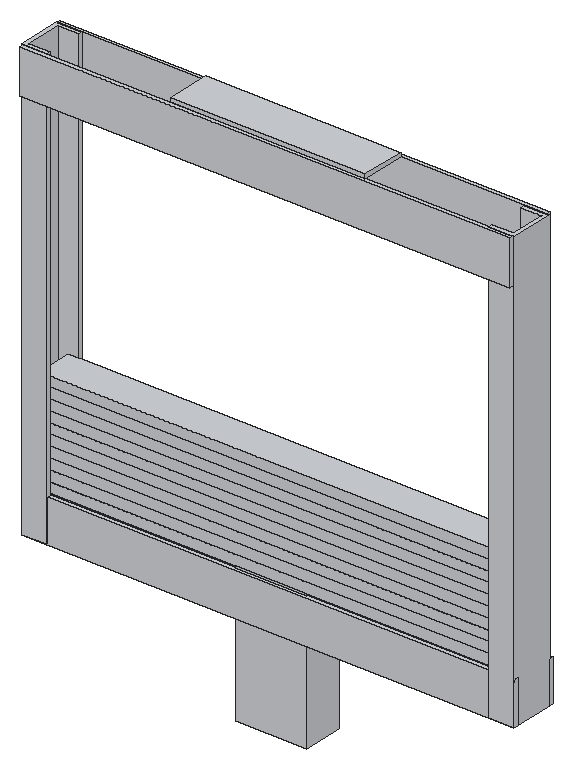
Revit family "Counterweight", category Generic Models, Revit 2022
Family settings
  Can host rebar = No
  Round Connector Dimension = Use Diameter
  Part Type = Normal
  Work Plane-Based = No
  Always vertical = Yes
  Cut with Voids When Loaded = No
  Maintain Annotation Orientation = No
  Shared = No
  Room Calculation Point = No
Parameters
  Weight Plate Width = 2634.32 mm
  Weight Plate Thickness = 60 mm
  Weight Plate Offset = 60 mm
  Weight Plate Length = 204.32 mm
  LiftSheave_Diameter = 400
  CounterWeight_Weight = 1500
  Top Part Height = 250.465 mm
  Strike Plate Width = 200 mm
  Strike Plate Length = 227.16 mm
  Strike Plate Height = 537.908 mm
  Frame Width = 1400 mm
  Frame Thickness = 22.84 mm
  Frame Length = 250 mm
  Frame Insert = 120 mm
  Frame Inner Length = 50 mm
  Frame Height = 2500 mm
  Default Elevation = 0 mm
  Bottom Part Height = 240.746 mm
Reference planes
  plane 1 "Center (Front/Back)": y = 0
  plane 2: z = 0
  plane 3 "Center (Left/Right)": x = 0
Forms (mm)
  Extrusion 1, solid
    sketch origin (0, 0, 0) x (1, 0, 0) y (0, 1, 0)
      loop
        line (-1257.16, 0) -> (-1257.16, 22.84) -> (-1377.16, 22.84) -> (-1377.16, 227.16) -> (-1257.16, 227.16) -> (-1257.16, 250) -> (-1400, 250) -> (-1400, 0) -> (-1257.16, 0)
    from 0 to 2500
  Extrusion 2, solid
    sketch origin (0, 0, 0) x (1, 0, 0) y (0, 1, 0)
      loop
        line (-200, 22.84) -> (200, 22.84) -> (200, 250) -> (-200, 250) -> (-200, 22.84)
    from 0 to 250
  Extrusion 3, solid
    sketch origin (0, 0, 0) x (-1, 0, 0) y (0, -1, 0)
      loop
        line (-1257.16, 0) -> (-1400, 0) -> (-1400, -250) -> (-1257.16, -250) -> (-1257.16, -227.16) -> (-1377.16, -227.16) -> (-1377.16, -22.84) -> (-1257.16, -22.84) -> (-1257.16, 0)
    from 0 to 2500
  Extrusion 4, solid
    sketch origin (0, 0, 0) x (1, 0, 0) y (0, 0, 1)
      loop
        line (-1392, 2500) -> (-1392, 2249.535) -> (1392, 2249.535) -> (1392, 2500) -> (-1392, 2500)
    from 0 to 22.84
  Extrusion 5, solid
    sketch origin (0, 0, 0) x (1, 0, 0) y (0, 0, 1)
      loop
        line (-1400, 0) -> (1400, 0) -> (1400, 240.746) -> (-1400, 240.746) -> (-1400, 0)
    from 0 to -22.84
  Extrusion 6, solid
    sketch origin (0, 272.84, 0) x (1, 0, 0) y (0, 0, -1)
      loop
        line (-1400, 0) -> (-1400, -240.746) -> (1400, -240.746) -> (1400, 0) -> (-1400, 0)
    from 0 to -22.84
  Extrusion 7, solid
    sketch origin (-8, 272.84, 0) x (1, 0, 0) y (0, 0, 1)
      loop
        line (-1392, 2500) -> (-1392, 2249.535) -> (1392, 2249.535) -> (1392, 2500) -> (-1392, 2500)
    from 0 to 22.84
  Extrusion 8, solid
    sketch origin (0, 0, 0) x (1, 0, 0) y (0, 1, 0)
      loop
        line (-553.312, 250) -> (-553.312, 0) -> (553.312, 0) -> (553.312, 250) -> (-553.312, 250)
    from 2500 to 2522.84
  Extrusion 9, solid
    sketch origin (0, 0, 0) x (1, 0, 0) y (0, 1, 0)
      loop
        line (-200, 22.84) -> (200, 22.84) -> (200, 250) -> (-200, 250) -> (-200, 22.84)
    from -537.908 to 0
  Extrusion 10, solid
    sketch origin (0, 0, 0) x (1, 0, 0) y (0, 1, 0)
      loop
        line (-1317.16, 227.16) -> (-1317.16, 22.84) -> (1317.16, 22.84) -> (1317.16, 227.16) -> (-1317.16, 227.16)
    from 250 to 310
  Extrusion 11, solid
    sketch origin (-2.84, 0, 60) x (1, 0, 0) y (0, 1, 0)
      loop
        line (-1314.32, 227.16) -> (-1314.32, 22.84) -> (1320, 22.84) -> (1320, 227.16) -> (-1314.32, 227.16)
    from 250 to 310
  Extrusion 12, solid
    sketch origin (0, 0, 120) x (1, 0, 0) y (0, 1, 0)
      loop
        line (-1317.16, 227.16) -> (-1317.16, 22.84) -> (1317.16, 22.84) -> (1317.16, 227.16) -> (-1317.16, 227.16)
    from 250 to 310
  Extrusion 13, solid
    sketch origin (-2.84, 0, 180) x (1, 0, 0) y (0, 1, 0)
      loop
        line (-1314.32, 227.16) -> (-1314.32, 22.84) -> (1320, 22.84) -> (1320, 227.16) -> (-1314.32, 227.16)
    from 250 to 310
  Extrusion 14, solid
    sketch origin (0, 0, 240) x (1, 0, 0) y (0, 1, 0)
      loop
        line (-1317.16, 227.16) -> (-1317.16, 22.84) -> (1317.16, 22.84) -> (1317.16, 227.16) -> (-1317.16, 227.16)
    from 250 to 310
  Extrusion 15, solid
    sketch origin (-2.84, 0, 300) x (1, 0, 0) y (0, 1, 0)
      loop
        line (-1314.32, 227.16) -> (-1314.32, 22.84) -> (1320, 22.84) -> (1320, 227.16) -> (-1314.32, 227.16)
    from 250 to 310
  Extrusion 16, solid
    sketch origin (0, 0, 360) x (1, 0, 0) y (0, 1, 0)
      loop
        line (-1317.16, 227.16) -> (-1317.16, 22.84) -> (1317.16, 22.84) -> (1317.16, 227.16) -> (-1317.16, 227.16)
    from 250 to 310
  Extrusion 17, solid
    sketch origin (-2.84, 0, 420) x (1, 0, 0) y (0, 1, 0)
      loop
        line (-1314.32, 227.16) -> (-1314.32, 22.84) -> (1320, 22.84) -> (1320, 227.16) -> (-1314.32, 227.16)
    from 250 to 310
  Extrusion 18, solid
    sketch origin (0, 0, 480) x (1, 0, 0) y (0, 1, 0)
      loop
        line (-1317.16, 227.16) -> (-1317.16, 22.84) -> (1317.16, 22.84) -> (1317.16, 227.16) -> (-1317.16, 227.16)
    from 250 to 310
  Extrusion 19, solid
    sketch origin (-2.84, 0, 540) x (1, 0, 0) y (0, 1, 0)
      loop
        line (-1314.32, 227.16) -> (-1314.32, 22.84) -> (1320, 22.84) -> (1320, 227.16) -> (-1314.32, 227.16)
    from 250 to 310
Lines and regions (mm)
  reference lines
    curve 1: line (-5031.973, 136.42, 0) -> (4768.027, 136.42, 0)
    curve 2: line (-2819.89, 108.95, 0) -> (4380.11, 108.95, 0)
    curve 3: line (-4465.698, 136.236, 0) -> (4534.302, 136.236, 0)
    curve 4: line (-1583.991, 121.716, 0) -> (1656.009, 121.716, 0)
Dimensions and locks
  "Frame Width": Extrusion 1 to plane 3 "Center (Left/Right)" to Extrusion 3
  "Frame Length": Extrusion 3 to Extrusion 3
  equal spacing: Extrusion 2, plane 3 "Center (Left/Right)", Extrusion 2
  "Strike Plate Width": Extrusion 2 to plane 3 "Center (Left/Right)" to Extrusion 2
  "Frame Height": Extrusion 1 to Extrusion 1
  "Frame Length": Extrusion 1 to Extrusion 1
  "Frame Height": Extrusion 3 to Extrusion 3
  "Strike Plate Length": Extrusion 2 to Extrusion 2
  "Frame Insert": Extrusion 1 to Extrusion 1
  "Frame Insert": Extrusion 3 to Extrusion 3
  "Frame Thickness": Extrusion 1 to Extrusion 1  (x3)
  "Frame Thickness": Extrusion 3 to Extrusion 3  (x3)
  "Top Part Height": Extrusion 4 to Extrusion 4
  "Bottom Part Height": Extrusion 5 to Extrusion 5
  "Frame Thickness": Extrusion 4 to Extrusion 4
  "Frame Thickness": Extrusion 5 to Extrusion 5
  equal spacing: Extrusion 2, curve 1, Extrusion 5
  equal spacing: Extrusion 8 sketch curve, plane 3 "Center (Left/Right)", Extrusion 8 sketch curve
  "Frame Thickness": Extrusion 8 to Extrusion 3
  Extrusion 9 to Extrusion 9 = 400 mm
  "Strike Plate Height": Extrusion 9 to Extrusion 3
  "Weight Plate Width": Extrusion 10 to Extrusion 10
  "Weight Plate Length": Extrusion 10 to Extrusion 10
  "Weight Plate Thickness": Extrusion 10 to Extrusion 10
  "Bottom Part Height": Extrusion 6 to Extrusion 6
  "Weight Plate Offset": Extrusion 1 to Extrusion 10
  aligned and locked: level to plane 2
  aligned and locked: Extrusion 2 to Extrusion 5
  aligned and locked: Extrusion 7 to Extrusion 8 sketch curve
  aligned and locked: Extrusion 8 sketch curve to plane 1 "Center (Front/Back)"
  aligned and locked: Extrusion 1 to Extrusion 10 sketch curve
  aligned and locked: Extrusion 3 to Extrusion 10 sketch curve
Automatic sketch dimensions
  plane 1 "Center (Front/Back)" to Extrusion 1 sketch curve = 0 mm
  Extrusion 1 sketch curve to plane 3 "Center (Left/Right)" = 1400 mm
  Extrusion 1 sketch curve to Extrusion 1 sketch curve = 22.84 mm  (x2)
  Extrusion 1 sketch curve to Extrusion 1 sketch curve = 120 mm
  Extrusion 1 sketch curve to Extrusion 1 sketch curve = 0 mm
  Extrusion 1 sketch curve to plane 1 "Center (Front/Back)" = 22.84 mm
  Extrusion 1 sketch curve to Extrusion 1 sketch curve = 204.32 mm
  Extrusion 2 sketch curve to plane 1 "Center (Front/Back)" = 22.84 mm
  Extrusion 2 sketch curve to plane 3 "Center (Left/Right)" = 200 mm
  plane 3 "Center (Left/Right)" to Extrusion 2 sketch curve = 200 mm
  Extrusion 2 sketch curve to plane 1 "Center (Front/Back)" = 250 mm
  plane 1 "Center (Front/Back)" to Extrusion 3 sketch curve = 0 mm
  plane 3 "Center (Left/Right)" to Extrusion 3 sketch curve = 1400 mm
  Extrusion 3 sketch curve to Extrusion 3 sketch curve = 22.84 mm  (x2)
  Extrusion 3 sketch curve to Extrusion 3 sketch curve = 120 mm
  Extrusion 3 sketch curve to Extrusion 3 sketch curve = 0 mm
  Extrusion 3 sketch curve to plane 1 "Center (Front/Back)" = 22.84 mm
  Extrusion 3 sketch curve to Extrusion 3 sketch curve = 204.32 mm
  Extrusion 4 sketch curve to plane 3 "Center (Left/Right)" = 1392 mm
  plane 3 "Center (Left/Right)" to Extrusion 4 sketch curve = 1392 mm
  level to Extrusion 4 sketch curve = 2249.535 mm
  Extrusion 4 sketch curve to Extrusion 4 sketch curve = 250.465 mm
  Extrusion 5 sketch curve to level = 0 mm
  level to Extrusion 5 sketch curve = 240.746 mm
  Extrusion 5 sketch curve to plane 3 "Center (Left/Right)" = 1400 mm
  plane 3 "Center (Left/Right)" to Extrusion 5 sketch curve = 1400 mm
  Extrusion 6 sketch curve to level = 0 mm
  level to Extrusion 6 sketch curve = 240.746 mm
  Extrusion 6 sketch curve to plane 3 "Center (Left/Right)" = 1400 mm
  plane 3 "Center (Left/Right)" to Extrusion 6 sketch curve = 1400 mm
  curve 1 to plane 1 "Center (Front/Back)" = 136.42 mm
  curve 1 to plane 3 "Center (Left/Right)" = 5031.973 mm
  curve 3 to plane 1 "Center (Front/Back)" = 136.236 mm
  curve 1 to curve 3 = 566.275 mm
  curve 2 to plane 1 "Center (Front/Back)" = 108.95 mm
  curve 3 to curve 2 = 1645.808 mm
  curve 4 to plane 1 "Center (Front/Back)" = 121.716 mm
  curve 2 to curve 4 = 1235.899 mm
  curve 4 to curve 2 = 2724.101 mm
  curve 2 to curve 3 = 154.192 mm
  curve 3 to curve 1 = 233.725 mm
  Extrusion 7 sketch curve to plane 3 "Center (Left/Right)" = 1400 mm
  plane 3 "Center (Left/Right)" to Extrusion 7 sketch curve = 1384 mm
  level to Extrusion 7 sketch curve = 2249.535 mm
  Extrusion 7 sketch curve to Extrusion 7 sketch curve = 250.465 mm
  plane 3 "Center (Left/Right)" to curve 4 = 1656.009 mm
  Extrusion 8 sketch curve to plane 3 "Center (Left/Right)" = 553.312 mm
  Extrusion 9 sketch curve to plane 3 "Center (Left/Right)" = 200 mm
  plane 3 "Center (Left/Right)" to Extrusion 9 sketch curve = 200 mm
  Extrusion 9 sketch curve to plane 1 "Center (Front/Back)" = 22.84 mm
  Extrusion 9 sketch curve to Extrusion 9 sketch curve = 227.16 mm
  Extrusion 10 sketch curve to plane 3 "Center (Left/Right)" = 1317.16 mm
  plane 3 "Center (Left/Right)" to Extrusion 10 sketch curve = 1317.16 mm
  Extrusion 11 sketch curve to plane 1 "Center (Front/Back)" = 22.84 mm
  Extrusion 11 sketch curve to plane 3 "Center (Left/Right)" = 1317.16 mm
  plane 3 "Center (Left/Right)" to Extrusion 11 sketch curve = 1317.16 mm
  Extrusion 11 sketch curve to Extrusion 11 sketch curve = 204.32 mm
  Extrusion 12 sketch curve to plane 1 "Center (Front/Back)" = 22.84 mm
  Extrusion 12 sketch curve to plane 3 "Center (Left/Right)" = 1317.16 mm
  plane 3 "Center (Left/Right)" to Extrusion 12 sketch curve = 1317.16 mm
  Extrusion 12 sketch curve to Extrusion 12 sketch curve = 204.32 mm
  Extrusion 13 sketch curve to plane 1 "Center (Front/Back)" = 22.84 mm
  Extrusion 13 sketch curve to plane 3 "Center (Left/Right)" = 1317.16 mm
  plane 3 "Center (Left/Right)" to Extrusion 13 sketch curve = 1317.16 mm
  Extrusion 13 sketch curve to Extrusion 13 sketch curve = 204.32 mm
  Extrusion 14 sketch curve to plane 1 "Center (Front/Back)" = 22.84 mm
  Extrusion 14 sketch curve to plane 3 "Center (Left/Right)" = 1317.16 mm
  plane 3 "Center (Left/Right)" to Extrusion 14 sketch curve = 1317.16 mm
  Extrusion 14 sketch curve to Extrusion 14 sketch curve = 204.32 mm
  Extrusion 15 sketch curve to plane 1 "Center (Front/Back)" = 22.84 mm
  Extrusion 15 sketch curve to plane 3 "Center (Left/Right)" = 1317.16 mm
  plane 3 "Center (Left/Right)" to Extrusion 15 sketch curve = 1317.16 mm
  Extrusion 15 sketch curve to Extrusion 15 sketch curve = 204.32 mm
  Extrusion 16 sketch curve to plane 1 "Center (Front/Back)" = 22.84 mm
  Extrusion 16 sketch curve to plane 3 "Center (Left/Right)" = 1317.16 mm
  plane 3 "Center (Left/Right)" to Extrusion 16 sketch curve = 1317.16 mm
  Extrusion 16 sketch curve to Extrusion 16 sketch curve = 204.32 mm
  Extrusion 17 sketch curve to plane 1 "Center (Front/Back)" = 22.84 mm
  Extrusion 17 sketch curve to plane 3 "Center (Left/Right)" = 1317.16 mm
  plane 3 "Center (Left/Right)" to Extrusion 17 sketch curve = 1317.16 mm
  Extrusion 17 sketch curve to Extrusion 17 sketch curve = 204.32 mm
  Extrusion 18 sketch curve to plane 1 "Center (Front/Back)" = 22.84 mm
  Extrusion 18 sketch curve to plane 3 "Center (Left/Right)" = 1317.16 mm
  plane 3 "Center (Left/Right)" to Extrusion 18 sketch curve = 1317.16 mm
  Extrusion 18 sketch curve to Extrusion 18 sketch curve = 204.32 mm
  Extrusion 19 sketch curve to plane 1 "Center (Front/Back)" = 22.84 mm
  Extrusion 19 sketch curve to plane 3 "Center (Left/Right)" = 1317.16 mm
  plane 3 "Center (Left/Right)" to Extrusion 19 sketch curve = 1317.16 mm
  Extrusion 19 sketch curve to Extrusion 19 sketch curve = 204.32 mm
